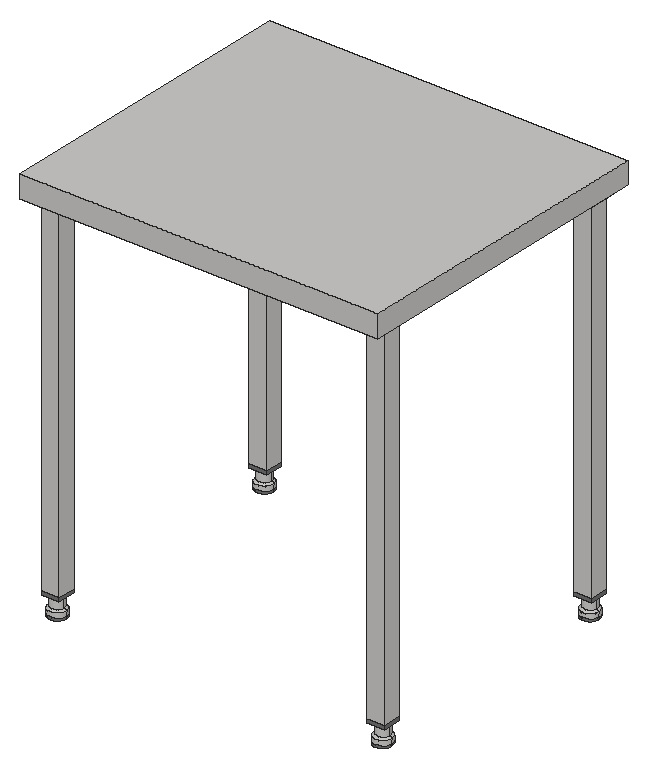
Revit family "QF_ELECTROLUXPROFESSIONAL_133217_TG800N", category Attrezzature speciali, Revit 2020
Family settings
  Quota connettore circolare = Usa diametro
  Tipo di parte = Normale
  Basato su piano di lavoro = No
  Sempre verticale = Sì
  Taglio con vuoti quando caricato = No
  Condiviso = No
  Punto di calcolo locali = No
Parameters (values of type "Standard")
  Weight = 28.00 kg
  Watts = 0 W
  Volts = 0 V
  URL Manufacturer = "https://www.electroluxprofessional.com/"
  URL = "https://www.electroluxprofessional.com/"
  Steam Supply Size = 0 mm
  Steam Supply Minimum Pressure = 0.0 Pa
  Steam Supply Maximum Pressure = 0.0 Pa
  Steam Consumption per Hour = 0
  Refrigeration Suction Line Size = 0.0 mm
  Refrigeration Liquid Line Size = 0.0 mm
  Refrigerant Compressor Remote = yes
  Prospetto di default = 0.0 mm
  Produttore = "Electrolux Professional"
  Phase = 0
  Modello = "TG800N"
  Length Actual = 800.0 mm  # constant formula
  Item Number = "133217"
  Hot Water Size = 0 mm
  Height Actual = 900.0 mm  # constant formula
  HP = "0 HP"
  Gas Size = 0 mm
  Gas KW = 0
  Gas Input Pressure = 0 W
  Direct Waste Size = 0 mm
  Descrizione = "WORK TABLE 800 MM"
  Depth Actual = 700.0 mm  # constant formula
  Cycle = 0 Hz
  Condensate Return Size = 0 mm
  Compressed Air Volume = 0.0 L/s
  Compressed Air Size = 0 mm
  Compressed Air Pressure = 0.0 Pa
  Cold Water Size = 0 mm
  Accessory = yes
Reference planes
  plane 1 "Center (Front/Back)": y = 0
  plane 2: z = 0
  plane 3 "Center (Left/Right)": x = 100
  plane 4 "LEFT": x = -300
  plane 5 "RIGHT": x = 500
  plane 6 "BACK": y = 350
  plane 7 "FRONT": y = -350
  plane 8 "Base": z = 850
  plane 9 "TOP": z = 900
  plane 10: x = -264.5
  plane 11: x = 464.5
  plane 12: y = 290
  plane 13: y = -290
Forms (mm)
  Extrusion 1, solid, material "QF_Finishes_Stainless Steel"
    sketch origin (100, 0, 0) x (0, 1, 0) y (0, 0, 1)
      loop
        line (-350, 850) -> (350, 850) -> (350, 900) -> (-350, 900) -> (-350, 850)
    from 400 to -400
Lines and regions (mm)
  symbolic lines
    curve 1: line (500, 350, 900) -> (-300, 350, 900)
    curve 2: line (-300, 350, 900) -> (-300, -350, 900)
    curve 3: line (-300, -350, 900) -> (500, -350, 900)
    curve 4: line (500, -350, 900) -> (500, 350, 900)
Dimensions and locks
  plane 4 "LEFT" to plane 5 "RIGHT" = 800.0 mm
  equal spacing: plane 4 "LEFT", plane 3 "Center (Left/Right)", plane 5 "RIGHT"
  plane 4 "LEFT" to plane 10 = 35.5 mm
  plane 11 to plane 5 "RIGHT" = 35.5 mm
  plane 10 to plane 11 = 729.0 mm
  locked: plane 9 "TOP" to level at 900
  plane 6 "BACK" to plane 12 = 60.0 mm
  plane 13 to plane 7 "FRONT" = 60.0 mm
  plane 6 "BACK" to plane 7 "FRONT" = 700.0 mm
  plane 12 to plane 13 = 580.0 mm
  equal spacing: plane 6 "BACK", plane 1 "Center (Front/Back)", plane 7 "FRONT"
  locked: plane 8 "Base" to level at 850
  aligned and locked: level to plane 2
  aligned and locked: plane 10 to nested 1
  aligned and locked: nested 1 to plane 13
  aligned and locked: plane 11 to nested 2
  aligned and locked: nested 2 to plane 13
  aligned and locked: plane 11 to nested 4
  aligned and locked: nested 4 to plane 12
  aligned and locked: plane 10 to nested 3
  aligned and locked: nested 3 to plane 12
  aligned and locked: Extrusion 1 to plane 4 "LEFT"
  aligned and locked: plane 5 "RIGHT" to Extrusion 1
  aligned and locked: curve 2 to plane 4 "LEFT"
Automatic sketch dimensions
  Extrusion 1 sketch curve to plane 7 "FRONT" = 0.0 mm
  Extrusion 1 sketch curve to plane 8 "Base" = 0.0 mm
  curve 3 to plane 7 "FRONT" = 0.0 mm
  curve 4 to plane 6 "BACK" = 0.0 mm
  Extrusion 1 sketch curve to plane 9 "TOP" = 0.0 mm
  Extrusion 1 sketch curve to plane 6 "BACK" = 0.0 mm
  curve 4 to plane 5 "RIGHT" = 0.0 mm
Nested families
  nested 1: "FEET_40x40_APP42" at (-264.5, -290, 0), type "FEET_40x40_APP42"
  nested 2: "FEET_40x40_APP42" at (464.5, -290, 0), type "FEET_40x40_APP42"
  nested 3: "FEET_40x40_APP42" at (-264.5, 290, 0), type "FEET_40x40_APP42"
  nested 4: "FEET_40x40_APP42" at (464.5, 290, 0), type "FEET_40x40_APP42"
Definition of nested family "FEET_40x40_APP42"
  Parameters
    Default Elevation = 0.0 mm
    FEET = 850.0 mm
  Reference planes
    plane 1 "Center (Front/Back)": y = 0
    plane 2: z = 0
    plane 3 "Center (Left/Right)": x = 0
    plane 4: z = 850
  Forms (mm)
    Extrusion 1, solid
      sketch origin (0, 0, 0) x (1, 0, 0) y (0, 1, 0)
        loop
          line (-20, -20) -> (20, -20) -> (20, 20) -> (-20, 20) -> (-20, -20)
      from 50 to 845
    Extrusion 2, solid
      sketch origin (0, 0, 0) x (1, 0, 0) y (0, 1, 0)
        loop
          circle (0, 0) r 20
      from 0 to 5
    Extrusion 3, solid
      sketch origin (0, 0, 0) x (1, 0, 0) y (0, 1, 0)
        loop
          line (30, 30) -> (-30, 30) -> (-30, -30) -> (30, -30) -> (30, 30)
      from 845 to 850
    Extrusion 4, solid
      sketch origin (0, 0, 0) x (1, 0, 0) y (0, 1, 0)
        loop
          line (-20, -20) -> (20, -20) -> (20, 20) -> (-20, 20) -> (-20, -20)
      from 50 to 42
    Revolve 5, solid
      sketch origin (0, 0, 0) x (1, 0, 0) y (0, 0, 1)
        loop
          line (0, 42) -> (-15, 42) -> (-15, 20) -> (-20, 15) -> (-20, 5) -> (0, 5) -> (0, 42)
        axis (0, 42) -> (0, 5)
      angle from 0 to 360
  Lines and regions (mm)
    symbolic lines
      curve 1: line (0, -1.503, 0) -> (0, 1.508, 0)
      curve 2: line (1.561, 0, 0) -> (-1.439, 0, 0)
  Dimensions and locks
    "FEET": plane 4 to plane 2
    aligned and locked: level to plane 2
  Automatic sketch dimensions
    plane 1 "Center (Front/Back)" to curve 2 = 0.0 mm
    curve 1 to plane 3 "Center (Left/Right)" = 0.0 mm
    curve 2 to plane 3 "Center (Left/Right)" = 1.439 mm
    plane 3 "Center (Left/Right)" to curve 2 = 1.561 mm
    plane 1 "Center (Front/Back)" to curve 1 = 1.503 mm
    curve 1 to plane 1 "Center (Front/Back)" = 1.508 mm
    Extrusion 1 sketch curve to plane 3 "Center (Left/Right)" = 20.0 mm
    plane 3 "Center (Left/Right)" to Extrusion 1 sketch curve = 20.0 mm
    plane 1 "Center (Front/Back)" to Extrusion 1 sketch curve = 20.0 mm
    Extrusion 1 sketch curve to plane 1 "Center (Front/Back)" = 20.0 mm
    plane 1 "Center (Front/Back)" to Extrusion 2 sketch curve = 0.0 mm
    Extrusion 2 sketch curve to plane 3 "Center (Left/Right)" = 0.0 mm
    Extrusion 3 sketch curve to plane 3 "Center (Left/Right)" = 30.0 mm
    plane 3 "Center (Left/Right)" to Extrusion 3 sketch curve = 30.0 mm
    plane 1 "Center (Front/Back)" to Extrusion 3 sketch curve = 30.0 mm
    Extrusion 3 sketch curve to plane 1 "Center (Front/Back)" = 30.0 mm
    Extrusion 4 sketch curve to plane 3 "Center (Left/Right)" = 20.0 mm
    plane 3 "Center (Left/Right)" to Extrusion 4 sketch curve = 20.0 mm
    plane 1 "Center (Front/Back)" to Extrusion 4 sketch curve = 20.0 mm
    Extrusion 4 sketch curve to plane 1 "Center (Front/Back)" = 20.0 mm
    Revolve 5 sketch curve to plane 3 "Center (Left/Right)" = 0.0 mm  (x2)
    Revolve 5 sketch curve to plane 3 "Center (Left/Right)" = 15.0 mm
    Revolve 5 sketch curve to Revolve 5 sketch curve = 5.0 mm  (x3)
    level to Revolve 5 sketch curve = 5.0 mm
    Revolve 5 sketch curve to Revolve 5 sketch curve = 10.0 mm
    Revolve 5 sketch curve to Revolve 5 sketch curve = 22.0 mm
    Revolve 5 sketch curve to level = 9.561 mm
    radius of Extrusion 2 sketch curve = 20.0 mm
